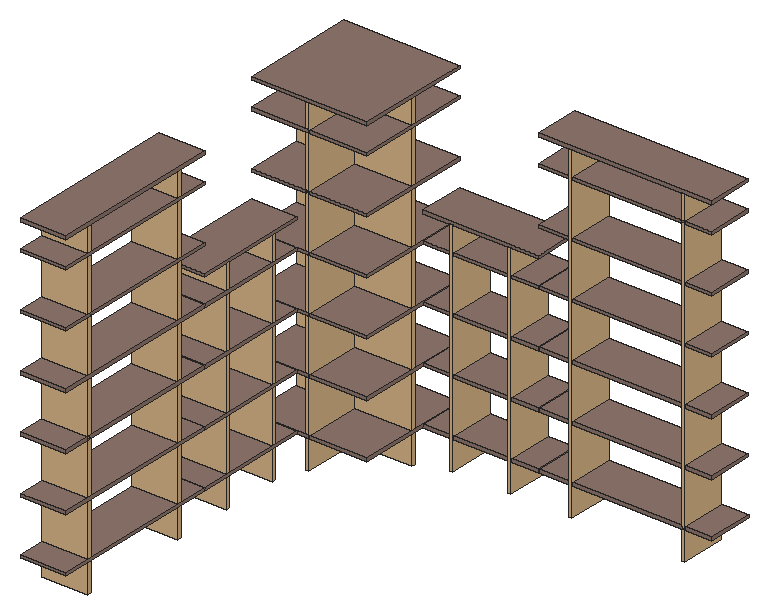
Revit family
Parameters
  Vertical Panels = Vertical Panels
  Subcategory = "Shelving & Storage"
  SmartBIM Object Version = 3  # constant formula
  SmartBIM Object Created By = "SMARTBIM, LLC"  # constant formula
  Manufacturer = "SMARTBIM"
  Horizontal Panels = Horizontal Panels
  Default Elevation = 4' - 0"
  Assembly Code = "E2020200"
  95 CSI = "12560"  # constant formula
  04 CSI = "12 56 51"  # constant formula
Reference planes (in)
  plane 1 "Center (Front/Back)": y = 9
  plane 2: z = 0
  plane 3 "Center (Left/Right)": x = 14
  plane 4: y = -75
  plane 5: x = 98
  plane 6: y = -15
  plane 7: x = 38
  plane 8: y = -39
  plane 9: y = -15
  plane 10: y = -2.6875
Forms (in)
  Extrusion 1, solid, material "Horizontal Panels" <- "Horizontal Panels"
    sketch origin (0, 0, 6) x (1, 0, 0) y (0, 1, 0)
      loop
        line (14, -39) -> (14, -75) -> (23.5, -75) -> (23.5, -39) -> (14, -39)
    from 0 to 0.625
  Extrusion 2, solid, material "Horizontal Panels" <- "Horizontal Panels"
    sketch origin (0, 0, 17.375) x (1, 0, 0) y (0, 1, 0)
      loop
        line (14, -39) -> (14, -75) -> (23.5, -75) -> (23.5, -39) -> (14, -39)
    from 0 to 0.625
  Extrusion 3, solid, material "Horizontal Panels" <- "Horizontal Panels"
    sketch origin (0, 0, 28.75) x (1, 0, 0) y (0, 1, 0)
      loop
        line (14, -39) -> (14, -75) -> (23.5, -75) -> (23.5, -39) -> (14, -39)
    from 0 to 0.625
  Extrusion 4, solid, material "Horizontal Panels" <- "Horizontal Panels"
    sketch origin (0, 0, 40.125) x (1, 0, 0) y (0, 1, 0)
      loop
        line (14, -39) -> (14, -75) -> (23.5, -75) -> (23.5, -39) -> (14, -39)
    from 0 to 0.625
  Extrusion 5, solid, material "Horizontal Panels" <- "Horizontal Panels"
    sketch origin (0, 0, 51.5) x (1, 0, 0) y (0, 1, 0)
      loop
        line (14, -39) -> (14, -75) -> (23.5, -75) -> (23.5, -39) -> (14, -39)
    from 0 to 0.625
  Extrusion 6, solid, material "Horizontal Panels" <- "Horizontal Panels"
    sketch origin (0, 0, 62.875) x (1, 0, 0) y (0, 1, 0)
      loop
        line (14, -39) -> (14, -75) -> (23.5, -75) -> (23.5, -39) -> (14, -39)
    from 0 to 0.625
  Extrusion 7, solid, material "Horizontal Panels" <- "Horizontal Panels"
    sketch origin (0, 0, 68.5625) x (1, 0, 0) y (0, 1, 0)
      loop
        line (14, -39) -> (14, -75) -> (23.5, -75) -> (23.5, -39) -> (14, -39)
    from 0 to 0.625
  Extrusion 8, solid, material "Vertical Panels" <- "Vertical Panels"
    sketch origin (14, 0, 0) x (0, 1, 0) y (0, 0, 1)
      loop
        line (-69.3125, 0) -> (-68.6875, 0) -> (-68.6875, 68.5625) -> (-69.3125, 68.5625) -> (-69.3125, 0)
      loop
        line (-45.9375, 0) -> (-45.3125, 0) -> (-45.3125, 68.5625) -> (-45.9375, 68.5625) -> (-45.9375, 0)
    from 0 to 9.5
  Extrusion 9, solid, material "Horizontal Panels" <- "Horizontal Panels"
    sketch origin (0, 36, 6) x (1, 0, 0) y (0, 1, 0)
      loop
        line (14, -51) -> (14, -75) -> (23.5, -75) -> (23.5, -51) -> (14, -51)
    from 0 to 0.625
  Extrusion 10, solid, material "Horizontal Panels" <- "Horizontal Panels"
    sketch origin (0, 36, 17.375) x (1, 0, 0) y (0, 1, 0)
      loop
        line (14, -51) -> (14, -75) -> (23.5, -75) -> (23.5, -51) -> (14, -51)
    from 0 to 0.625
  Extrusion 11, solid, material "Horizontal Panels" <- "Horizontal Panels"
    sketch origin (0, 36, 28.75) x (1, 0, 0) y (0, 1, 0)
      loop
        line (14, -51) -> (14, -75) -> (23.5, -75) -> (23.5, -51) -> (14, -51)
    from 0 to 0.625
  Extrusion 12, solid, material "Horizontal Panels" <- "Horizontal Panels"
    sketch origin (0, 36, 40.125) x (1, 0, 0) y (0, 1, 0)
      loop
        line (14, -51) -> (14, -75) -> (23.5, -75) -> (23.5, -51) -> (14, -51)
    from 0 to 0.625
  Extrusion 13, solid, material "Vertical Panels" <- "Vertical Panels"
    sketch origin (14, 36, 0) x (0, 1, 0) y (0, 0, 1)
      loop
        line (-69.3125, 0) -> (-68.6875, 0) -> (-68.6875, 45.8125) -> (-69.3125, 45.8125) -> (-69.3125, 0)
      loop
        line (-57.3125, 0) -> (-56.6875, 0) -> (-56.6875, 45.8125) -> (-57.3125, 45.8125) -> (-57.3125, 0)
    from 0 to 9.5
  Extrusion 14, solid, material "Horizontal Panels" <- "Horizontal Panels"
    sketch origin (0, 36, 45.8125) x (1, 0, 0) y (0, 1, 0)
      loop
        line (14, -51) -> (14, -75) -> (23.5, -75) -> (23.5, -51) -> (14, -51)
    from 0 to 0.625
  Extrusion 15, solid, material "Horizontal Panels" <- "Horizontal Panels"
    sketch origin (23, 23, 6) x (0, -1, 0) y (1, 0, 0)
      loop
        line (14, 39) -> (23.5, 39) -> (23.5, 75) -> (14, 75) -> (14, 39)
    from 0 to 0.625
  Extrusion 16, solid, material "Horizontal Panels" <- "Horizontal Panels"
    sketch origin (23, 23, 17.375) x (0, -1, 0) y (1, 0, 0)
      loop
        line (14, 39) -> (23.5, 39) -> (23.5, 75) -> (14, 75) -> (14, 39)
    from 0 to 0.625
  Extrusion 17, solid, material "Horizontal Panels" <- "Horizontal Panels"
    sketch origin (23, 23, 28.75) x (0, -1, 0) y (1, 0, 0)
      loop
        line (14, 39) -> (23.5, 39) -> (23.5, 75) -> (14, 75) -> (14, 39)
    from 0 to 0.625
  Extrusion 18, solid, material "Horizontal Panels" <- "Horizontal Panels"
    sketch origin (23, 23, 40.125) x (0, -1, 0) y (1, 0, 0)
      loop
        line (14, 39) -> (23.5, 39) -> (23.5, 75) -> (14, 75) -> (14, 39)
    from 0 to 0.625
  Extrusion 19, solid, material "Horizontal Panels" <- "Horizontal Panels"
    sketch origin (23, 23, 51.5) x (0, -1, 0) y (1, 0, 0)
      loop
        line (14, 39) -> (23.5, 39) -> (23.5, 75) -> (14, 75) -> (14, 39)
    from 0 to 0.625
  Extrusion 20, solid, material "Horizontal Panels" <- "Horizontal Panels"
    sketch origin (23, 23, 62.875) x (0, -1, 0) y (1, 0, 0)
      loop
        line (14, 39) -> (23.5, 39) -> (23.5, 75) -> (14, 75) -> (14, 39)
    from 0 to 0.625
  Extrusion 21, solid, material "Horizontal Panels" <- "Horizontal Panels"
    sketch origin (23, 23, 68.5625) x (0, -1, 0) y (1, 0, 0)
      loop
        line (14, 39) -> (23.5, 39) -> (23.5, 75) -> (14, 75) -> (14, 39)
    from 0 to 0.625
  Extrusion 22, solid, material "Vertical Panels" <- "Vertical Panels"
    sketch origin (23, 9, 0) x (-1, 0, 0) y (0, 0, -1)
      loop
        line (-69.3125, 0) -> (-69.3125, -68.5625) -> (-68.6875, -68.5625) -> (-68.6875, 0) -> (-69.3125, 0)
      loop
        line (-45.9375, 0) -> (-45.9375, -68.5625) -> (-45.3125, -68.5625) -> (-45.3125, 0) -> (-45.9375, 0)
    from 0 to 9.5
  Extrusion 23, solid, material "Horizontal Panels" <- "Horizontal Panels"
    sketch origin (-13, 23, 6) x (0, -1, 0) y (1, 0, 0)
      loop
        line (14, 51) -> (23.5, 51) -> (23.5, 75) -> (14, 75) -> (14, 51)
    from 0 to 0.625
  Extrusion 24, solid, material "Horizontal Panels" <- "Horizontal Panels"
    sketch origin (-13, 23, 17.375) x (0, -1, 0) y (1, 0, 0)
      loop
        line (14, 51) -> (23.5, 51) -> (23.5, 75) -> (14, 75) -> (14, 51)
    from 0 to 0.625
  Extrusion 25, solid, material "Horizontal Panels" <- "Horizontal Panels"
    sketch origin (-13, 23, 28.75) x (0, -1, 0) y (1, 0, 0)
      loop
        line (14, 51) -> (23.5, 51) -> (23.5, 75) -> (14, 75) -> (14, 51)
    from 0 to 0.625
  Extrusion 26, solid, material "Horizontal Panels" <- "Horizontal Panels"
    sketch origin (-13, 23, 40.125) x (0, -1, 0) y (1, 0, 0)
      loop
        line (14, 51) -> (23.5, 51) -> (23.5, 75) -> (14, 75) -> (14, 51)
    from 0 to 0.625
  Extrusion 27, solid, material "Vertical Panels" <- "Vertical Panels"
    sketch origin (-13, 9, 0) x (-1, 0, 0) y (0, 0, -1)
      loop
        line (-69.3125, 0) -> (-69.3125, -45.8125) -> (-68.6875, -45.8125) -> (-68.6875, 0) -> (-69.3125, 0)
      loop
        line (-57.3125, 0) -> (-57.3125, -45.8125) -> (-56.6875, -45.8125) -> (-56.6875, 0) -> (-57.3125, 0)
    from 0 to 9.5
  Extrusion 28, solid, material "Horizontal Panels" <- "Horizontal Panels"
    sketch origin (-13, 23, 45.8125) x (0, -1, 0) y (1, 0, 0)
      loop
        line (14, 51) -> (23.5, 51) -> (23.5, 75) -> (14, 75) -> (14, 51)
    from 0 to 0.625
  Extrusion 29, solid, material "Vertical Panels" <- "Vertical Panels"
    sketch origin (25.5, 43.3125, 0) x (0, 1, 0) y (0, 0, 1)
      loop
        line (-46.625, 0) -> (-46, 0) -> (-46, 68.5625) -> (-46.625, 68.5625) -> (-46.625, 0)
    from -11.5 to 12.5
  Extrusion 30, solid, material "Vertical Panels" <- "Vertical Panels"
    sketch origin (-20.625, -2.8125, 0) x (-1, 0, 0) y (0, 0, -1)
      loop
        line (-46.625, 0) -> (-46.625, -68.5625) -> (-46, -68.5625) -> (-46, 0) -> (-46.625, 0)
    from -11.8125 to 12.1875
  Extrusion 31, solid, material "Horizontal Panels" <- "Horizontal Panels"
    sketch origin (0, 0, 0) x (1, 0, 0) y (0, 1, 0)
      loop
        line (14, 9) -> (14, -15) -> (38, -15) -> (38, 9) -> (14, 9)
    from 6 to 6.625
  Extrusion 32, solid, material "Horizontal Panels" <- "Horizontal Panels"
    sketch origin (0, 0, 11.375) x (1, 0, 0) y (0, 1, 0)
      loop
        line (14, 9) -> (14, -15) -> (38, -15) -> (38, 9) -> (14, 9)
    from 6 to 6.625
  Extrusion 33, solid, material "Horizontal Panels" <- "Horizontal Panels"
    sketch origin (0, 0, 22.75) x (1, 0, 0) y (0, 1, 0)
      loop
        line (14, 9) -> (14, -15) -> (38, -15) -> (38, 9) -> (14, 9)
    from 6 to 6.625
  Extrusion 34, solid, material "Horizontal Panels" <- "Horizontal Panels"
    sketch origin (0, 0, 34.125) x (1, 0, 0) y (0, 1, 0)
      loop
        line (14, 9) -> (14, -15) -> (38, -15) -> (38, 9) -> (14, 9)
    from 6 to 6.625
  Extrusion 35, solid, material "Horizontal Panels" <- "Horizontal Panels"
    sketch origin (0, 0, 45.5) x (1, 0, 0) y (0, 1, 0)
      loop
        line (14, 9) -> (14, -15) -> (38, -15) -> (38, 9) -> (14, 9)
    from 6 to 6.625
  Extrusion 36, solid, material "Horizontal Panels" <- "Horizontal Panels"
    sketch origin (0, 0, 56.875) x (1, 0, 0) y (0, 1, 0)
      loop
        line (14, 9) -> (14, -15) -> (38, -15) -> (38, 9) -> (14, 9)
    from 6 to 6.625
  Extrusion 37, solid, material "Horizontal Panels" <- "Horizontal Panels"
    sketch origin (0, 0, 62.5625) x (1, 0, 0) y (0, 1, 0)
      loop
        line (14, 9) -> (14, -15) -> (38, -15) -> (38, 9) -> (14, 9)
    from 6 to 6.625
Cuts and joins
  joined: Extrusion 29, Extrusion 30
Dimensions and locks (in)
  plane 3 "Center (Left/Right)" to plane 5 = 7' - 0"
  plane 4 to plane 1 "Center (Front/Back)" = 7' - 0"
  locked: Extrusion 1 to Extrusion 1 at 0.625
  locked: Extrusion 2 to Extrusion 2 at 0.625
  locked: Extrusion 3 to Extrusion 3 at 0.625
  locked: Extrusion 4 to Extrusion 4 at 0.625
  locked: Extrusion 5 to Extrusion 5 at 0.625
  locked: Extrusion 6 to Extrusion 6 at 0.625
  locked: Extrusion 7 to Extrusion 7 at 0.625
  locked: Extrusion 9 to Extrusion 9 at 0.625
  locked: Extrusion 10 to Extrusion 10 at 0.625
  locked: Extrusion 11 to Extrusion 11 at 0.625
  locked: Extrusion 12 to Extrusion 12 at 0.625
  locked: Extrusion 14 to Extrusion 14 at 0.625
  locked: Extrusion 15 to Extrusion 15 at 0.625
  locked: Extrusion 16 to Extrusion 16 at 0.625
  locked: Extrusion 17 to Extrusion 17 at 0.625
  locked: Extrusion 18 to Extrusion 18 at 0.625
  locked: Extrusion 19 to Extrusion 19 at 0.625
  locked: Extrusion 20 to Extrusion 20 at 0.625
  locked: Extrusion 21 to Extrusion 21 at 0.625
  locked: Extrusion 23 to Extrusion 23 at 0.625
  locked: Extrusion 24 to Extrusion 24 at 0.625
  locked: Extrusion 25 to Extrusion 25 at 0.625
  locked: Extrusion 26 to Extrusion 26 at 0.625
  locked: Extrusion 28 to Extrusion 28 at 0.625
  locked: Extrusion 29 to Extrusion 29 at 0.625
  locked: Extrusion 30 to Extrusion 30 at 0.625
  aligned and locked: plane 3 "Center (Left/Right)" to Extrusion 31 sketch curve
  aligned and locked: plane 1 "Center (Front/Back)" to Extrusion 31 sketch curve
  aligned and locked: Extrusion 31 sketch curve to plane 7
  aligned and locked: Extrusion 31 to Extrusion 23
  aligned and locked: Extrusion 23 to Extrusion 31
